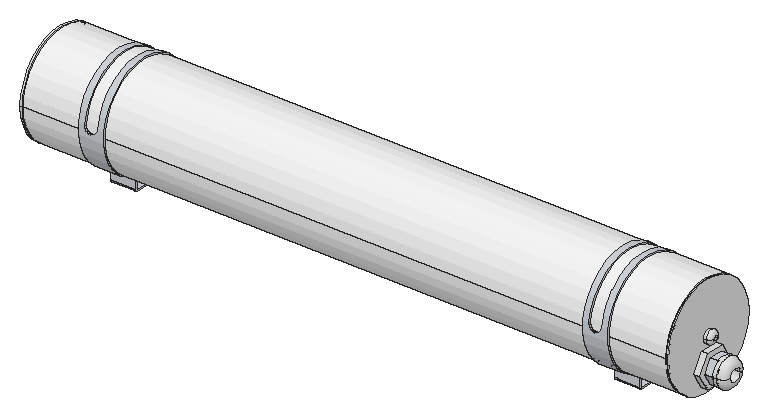
Revit family "0047583 Feilo Sylvania Lighting Fixture SYLPROOF TUBULAR LED 2X600 EB NW", category Lighting Fixtures, host Face, Revit 2017
Family settings
  Host = Face
  Round Connector Dimension = Use Diameter
  Part Type = Normal
  OmniClass Number = 23.80.70.00
  OmniClass Title = Lighting
  Cut with Voids When Loaded = No
  Light Source = Yes
  Shared = No
  Room Calculation Point = No
Parameters (values of type "0047583 SYLPROOF TUBULAR LED 2X600 EB NW")
  Weight = "1.8 kg"
  Wattage Comments = "n/a"
  Wattage = 21 W
  WarrantyStartDate [instance] = "n/a"
  WarrantyGuarantorParts = "n/a"
  WarrantyDurationUnit = "n/a"
  WarrantyDurationParts = "n/a"
  WarrantyDescription = "n/a"
  built-in parameter 1150110 = 1 (stored number, unit not read)
  Voltage = 230 V
  URL = "http://www.sylvania-lighting.com"
  TypeName = "SYLPROOF TUBULAR LED 2X600 EB NW"
  Type Image = <None>
  Type Comments = "n/a"
  TubeDiameterOutside_FEILO = 100 mm
  TubeDiameterInside_FEILO = 96 mm
  built-in parameter 1114217 = 1 (stored number, unit not read)
  Tilt Angle = -90.00°
  built-in parameter 1150109 = 1 (stored number, unit not read)
  built-in parameter 1150134 = 12
  built-in parameter 1150113 = 1 (stored number, unit not read)
  SerialNumber [instance] = "n/a"
  ReflectorMaterial = Reflector-Sylvania-SylproofTubular-Illumination
  PowerFactor = 0
  PowerConsumption = "21 W"
  Photometric Web File = "0047583.ies"
  NominalLength = 700 mm
  NominalHeight = 112 mm
  NominalDepth = 112 mm
  Name = "SYLPROOF TUBULAR LED 2X600 EB NW"
  MountingHeight_FEILO = 64 mm
  ModelReference = Name  # "SYLPROOF TUBULAR LED 2X600 EB NW"
  ModelNumber = "0047583"
  Model = Name  # "SYLPROOF TUBULAR LED 2X600 EB NW"
  Material = "acrylic/pmma tube housing, acrylic/pmma diffuser"
  ManufacturerName = "Feilo Sylvania"
  Manufacturer = "Feilo Sylvania"
  LuminousEfficacy = "108.04 lm/W"
  built-in parameter 1150105 = 180.55 (stored number, unit not read)
  Lumens = 2268.84 lm
  LuminaireType = ""
  built-in parameter 1150115 = 1 (stored number, unit not read)
  LightOutputRatio = "100"
  TubeLength_FEILO = 642 mm
  built-in parameter 1150137 = (empty or 0)
  built-in parameter 1150139 = (empty or 0)
  LampsType = Lamp  # "LED"
  LampNominalLuminous = "2269 lm"
  LampMacAdamStep = "n/a"
  LampColourTemperature = "4000 K"
  LampColourRenderingIndex = "0"
  built-in parameter 1150112 = 1 (stored number, unit not read)
  built-in parameter 1150114 = 1 (stored number, unit not read)
  Lamp = "LED"
  Keynote = "16500"
  InstallationDate [instance] = "n/a"
  InputVoltage = "220-240V~"
  InputNominalFrequency = "50/60 Hz"
  built-in parameter 1150132 = (empty or 0)
  built-in parameter 1150102 = (empty or 0)
  built-in parameter 1150107 = 4000 (stored number, unit not read)
  built-in parameter 1150138 = (empty or 0)
  IngressProtection = "IP66"
  ImpactProtectionIndex = "IK06"
  built-in parameter 1150106 = 1.8055 (stored number, unit not read)
  IfcExportType = "IfcLightFixtureType"
  IfcExportAs = "IfcLightFixtureType"
  Height_FEILO = 115 mm
  ExpectedLife = 50000
  Emit from Rectangle Width = TubeLength_FEILO - 20 mm  # 622 mm
  Emit from Rectangle Length = 90 mm  # constant formula
  Emit Shape Visible in Rendering = no
  ElectricShockClassification = "Class I"
  built-in parameter 1150104 = 10.037 (stored number, unit not read)
  DurationUnit = "hours"
  DocumentationLiterature = "http://www.sylvania-lighting.com/product/en-int/products/0047583"
  DimmingControlOptions = "Non dimmable"
  Dimming Lamp Color Temperature Shift = <None>
  DiffuserMaterial = Diffuser-Sylvania-SylproofTubular-Opal
  Description = "Aesthetically attractive and highly efficient LED tubular luminaire, opaque acrylic diffuser, stainless steel end caps and mounting brackets, rapid connector, as Sylvania Sylproof Tubular LED"
  Default Elevation = 1219.2 mm
  CreatedOn = "21/11/2017"
  CreatedBy = ""
  Cost = 0
  Color Filter = 16777215
  built-in parameter 1114216 [instance] = (empty or 0)
  ClassificationValue = "EF_70_80"
  ClassificationName = "Uniclass2015"
  BracketWidth_FEILO = 25 mm
  BracketDistance_FEILO = TubeLength_FEILO - 142 mm  # 500 mm
  BodyMaterial = Body-Sylvania-SylproofTubular-Aluminium
  BarCode [instance] = "n/a"
  built-in parameter 1114218 = 1 (stored number, unit not read)
  built-in parameter 1150133 = 10 (stored number, unit not read)
  AssetType = "Fixed"
  AssetIdentifier [instance] = "n/a"
  Assembly Code = "D5020200"
  Apparent Load = 21 VA
  AccessoryMaterial = none
Reference planes
  plane 1 "Center (Front/Back)": y = 0
  plane 2: z = 0
  plane 3 "Center (Left/Right)": x = 0
  plane 4: x = 250
  plane 5: x = -250
  plane 6: x = 321
  plane 7: x = -321
  plane 8: x = 348
  plane 9: x = -319
  plane 10: x = 319
  plane 11: z = 64
  plane 12: z = 54
  plane 13: y = 14
  plane 14: y = -14
  plane 15: y = -42
  plane 16: y = 42
  plane 17: x = 307
  plane 18: x = -307
  plane 19: x = 324.8
  plane 20: x = -324.8
  plane 21: y = 6.4
  plane 22: y = -6.4
  plane 23: y = 2
  plane 24: x = 328.1
  plane 25: x = -328.1
  plane 26: z = 38
  plane 27: z = 54
  plane 28: z = 22
  plane 29: x = 337.1
  plane 30: x = 340.6
  plane 31: z = 115
Forms (mm)
  Extrusion 1, solid, material "Diffuser-Sylvania-SylproofTubular-Opal" <- "DiffuserMaterial"
    sketch origin (0, 0, 0) x (0, 1, 0) y (0, 0, 1)
      loop
        circle (0, 64) r 50
      loop
        circle (0, 64) r 48
    from -319 to 319
  Extrusion 2, solid, material "Reflector-Sylvania-SylproofTubular-Illumination" <- "ReflectorMaterial", detail levels medium+fine
    sketch origin (0, 0, 0) x (0, 1, 0) y (0, 0, 1)
      loop
        line (14, 54) -> (42, 64) -> (41.664, 64.942) -> (13.827, 55) -> (-13.827, 55) -> (-41.664, 64.942) -> (-42, 64) -> (-14, 54) -> (14, 54)
    from -307 to 307
  Extrusion 3, solid, material "Body-Sylvania-SylproofTubular-Aluminium" <- "BodyMaterial"
    sketch origin (319, 1524, 1219.2) x (0, 1, 0) y (0, 0, 1)
      loop
        circle (-1524, -1155.2) r 50
    from 0 to 2
  Extrusion 4, solid, material "Body-Sylvania-SylproofTubular-Aluminium" <- "BodyMaterial"
    sketch origin (-319, 1524, 1219.2) x (0, 1, 0) y (0, 0, 1)
      loop
        circle (-1524, -1155.2) r 50
    from -2 to 0
  Revolve 5, solid, material "Body-Sylvania-SylproofTubular-Aluminium" <- "BodyMaterial", detail levels fine
    sketch origin (0, 1219.2, 64) x (1, 0, 0) y (0, 1, 0)
      loop
        line (-328.1, -1219.2) -> (-321, -1219.2) -> (-321, -1212.8) -> (-324.8, -1212.8)
        arc (-324.8, -1212.8) -> (-327.183, -1214.45) -> (-328.1, -1217.2) r 4.583
        line (-328.1, -1217.2) -> (-328.1, -1219.2)
      axis (-321, -1219.2) -> (-328.1, -1219.2)
    angle from 360 to 0
  Revolve 6, solid, material "Body-Sylvania-SylproofTubular-Aluminium" <- "BodyMaterial", detail levels fine
    sketch origin (0, 1219.2, 64) x (1, 0, 0) y (0, 1, 0)
      loop
        line (328.1, -1219.2) -> (328.1, -1217.2)
        arc (328.1, -1217.2) -> (327.183, -1214.45) -> (324.8, -1212.8) r 4.583
        line (324.8, -1212.8) -> (321, -1212.8) -> (321, -1219.2) -> (328.1, -1219.2)
      axis (328.1, -1219.2) -> (321, -1219.2)
    angle from 360 to 0
  Extrusion 7, solid, material "Body-Sylvania-SylproofTubular-Aluminium" <- "BodyMaterial", detail levels medium+fine
    sketch origin (321, 1524, 1219.2) x (0, 1, 0) y (0, 0, 1)
      loop
        line (-1533.174, -1165.2) -> (-1542.475, -1181.089) -> (-1533.302, -1197.2) -> (-1514.826, -1197.2) -> (-1505.525, -1181.311) -> (-1514.698, -1165.2) -> (-1533.174, -1165.2)
    from 0 to 7.1
  Extrusion 8, solid, detail levels medium+fine
    sketch origin (328.1, 1524, 1219.2) x (0, 1, 0) y (0, 0, 1)
      loop
        line (-1530.892, -1169.262) -> (-1537.785, -1181.2) -> (-1530.892, -1193.138) -> (-1517.108, -1193.138) -> (-1510.215, -1181.2) -> (-1517.108, -1169.262) -> (-1530.892, -1169.262)
    from 0 to 9
  Revolve 9, solid, material "Body-Sylvania-SylproofTubular-Aluminium" <- "BodyMaterial", detail levels medium+fine
    sketch origin (0, 1219.2, 38) x (1, 0, 0) y (0, 1, 0)
      loop
        line (337.1, -1205.415) -> (337.1, -1212.8) -> (348, -1212.8)
        arc (348, -1212.8) -> (345.837, -1207.578) -> (340.615, -1205.415) r 7.385
        line (340.615, -1205.415) -> (337.1, -1205.415)
      axis (348, -1219.2) -> (337.1, -1219.2)
    angle from 360 to 0
Dimensions and locks
  equal spacing: plane 5, plane 3 "Center (Left/Right)", plane 4
  "BracketDistance_FEILO": plane 5 to plane 4
  equal spacing: plane 7, plane 3 "Center (Left/Right)", plane 6  (x2)
  "TubeLength_FEILO": plane 7 to plane 6
  locked: plane 6 to plane 8 at 27
  equal spacing: plane 9, plane 3 "Center (Left/Right)", plane 10
  locked: plane 7 to plane 9 at 2
  "MountingHeight_FEILO": plane 11 to plane 2
  locked: plane 12 to plane 11 at 10
  equal spacing: plane 14, plane 1 "Center (Front/Back)", plane 13
  locked: plane 14 to plane 1 "Center (Front/Back)" at 14
  equal spacing: plane 15, plane 1 "Center (Front/Back)", plane 16
  locked: plane 15 to plane 1 "Center (Front/Back)" at 42
  locked: plane 12 to Extrusion 2 sketch curve at 1
  locked: Extrusion 2 sketch curve to Extrusion 2 sketch curve at 1  (x2)
  equal spacing: plane 18, plane 3 "Center (Left/Right)", plane 17
  locked: plane 9 to plane 18 at 12
  equal spacing: plane 20, plane 3 "Center (Left/Right)", plane 19
  locked: plane 20 to plane 7 at 3.8
  equal spacing: plane 22, plane 1 "Center (Front/Back)", plane 21
  locked: plane 22 to plane 21 at 12.8
  locked: plane 1 "Center (Front/Back)" to plane 23 at 2
  equal spacing: plane 25, plane 3 "Center (Left/Right)", plane 24
  locked: plane 25 to plane 7 at 7.1
  locked: plane 26 to plane 11 at 26
  equal spacing: plane 28, plane 26, plane 27
  locked: plane 26 to plane 27 at 16
  locked: Extrusion 7 sketch curve to Extrusion 7 sketch curve at 32.001  (x2)
  locked: plane 24 to plane 29 at 9
  locked: plane 26 to Extrusion 8 sketch curve at 11.938
  locked: Extrusion 8 sketch curve to plane 26 at 11.938
  locked: Extrusion 8 sketch curve to Extrusion 8 sketch curve at 23.876  (x2)
  locked: Extrusion 8 sketch curve to plane 1 "Center (Front/Back)" at 13.785
  locked: plane 1 "Center (Front/Back)" to Extrusion 8 sketch curve at 13.785
  locked: plane 29 to plane 30 at 3.5
  "Height_FEILO": plane 31 to plane 2
  "TubeDiameterOutside_FEILO": diameter of Extrusion 1 sketch curve
  "TubeDiameterInside_FEILO": diameter of Extrusion 1 sketch curve
  aligned and locked: plane 2 to host face
  aligned and locked: level to host face
  aligned and locked: plane 10 to Extrusion 1
  aligned and locked: Extrusion 1 to plane 9
  aligned and locked: plane 13 to Extrusion 2 sketch curve
  aligned and locked: Extrusion 2 sketch curve to plane 12
  aligned and locked: plane 11 to Extrusion 2 sketch curve
  aligned and locked: plane 15 to Extrusion 2 sketch curve
  aligned and locked: plane 17 to Extrusion 2
  aligned and locked: Extrusion 2 to plane 18
  aligned and locked: plane 11 to Extrusion 1 sketch curve  (x2)
  aligned and locked: plane 1 "Center (Front/Back)" to Extrusion 1 sketch curve  (x2)
  aligned and locked: Extrusion 3 sketch curve to Extrusion 1  (x2)
  aligned and locked: plane 6 to Extrusion 3
  aligned and locked: Extrusion 3 to plane 10
  aligned and locked: Extrusion 4 sketch curve to Extrusion 3  (x2)
  aligned and locked: Extrusion 4 to plane 7
  aligned and locked: plane 9 to Extrusion 4
  aligned and locked: Revolve 5 sketch curve to Extrusion 4
  aligned and locked: plane 1 "Center (Front/Back)" to Revolve 5 sketch curve
  aligned and locked: plane 20 to Revolve 5 sketch curve
  aligned and locked: Revolve 5 sketch curve to plane 21
  aligned and locked: Revolve 5 sketch curve to plane 1 "Center (Front/Back)"
  aligned and locked: plane 23 to Revolve 6 sketch curve
  aligned and locked: Revolve 6 sketch curve to Extrusion 3
  aligned and locked: plane 1 "Center (Front/Back)" to Revolve 6 sketch curve
  aligned and locked: Revolve 6 sketch curve to plane 21
  aligned and locked: Revolve 6 sketch curve to plane 1 "Center (Front/Back)"
  aligned and locked: plane 25 to Revolve 5 sketch curve
  aligned and locked: plane 24 to Revolve 6 sketch curve
  aligned and locked: Extrusion 7 sketch curve to plane 27
  aligned and locked: plane 28 to Extrusion 7 sketch curve
  aligned and locked: plane 24 to Extrusion 7
  aligned and locked: Extrusion 7 to plane 6
  aligned and locked: plane 29 to Extrusion 8
  aligned and locked: Extrusion 8 to plane 24
  aligned and locked: Revolve 9 sketch curve to plane 1 "Center (Front/Back)"
  aligned and locked: Extrusion 8 to Revolve 9 sketch curve
  aligned and locked: Revolve 9 sketch curve to Extrusion 8
  aligned and locked: plane 8 to Revolve 9 sketch curve
  aligned and locked: plane 21 to Revolve 9 sketch curve
  aligned and locked: imposter light to plane 31
  aligned and locked: imposter light to plane 3 "Center (Left/Right)"
  aligned and locked: imposter light to plane 1 "Center (Front/Back)"
  aligned and locked: plane 1 "Center (Front/Back)" to nested 2
  aligned and locked: plane 1 "Center (Front/Back)" to nested 1
  aligned and locked: plane 5 to nested 1
  aligned and locked: plane 4 to nested 2
Automatic sketch dimensions
  host sketch curve to host sketch curve = 2438.4 mm  (x2)
  Extrusion 2 sketch curve to plane 14 = 0 mm
  Extrusion 2 sketch curve to plane 16 = 0 mm
  plane 11 to Extrusion 2 sketch curve = 0 mm
  plane 23 to Revolve 5 sketch curve = 0 mm
  Revolve 5 sketch curve to plane 25 = 1195.9 mm
  plane 8 to Revolve 5 sketch curve = 1176 mm
  Revolve 6 sketch curve to plane 19 = 0 mm
  Revolve 6 sketch curve to plane 25 = 1195.9 mm
  plane 8 to Revolve 6 sketch curve = 1176 mm
  Extrusion 7 sketch curve to plane 26 = 0.111 mm
  plane 14 to Extrusion 7 sketch curve = 4.475 mm
  plane 22 to Extrusion 7 sketch curve = 2.902 mm
  plane 22 to Extrusion 7 sketch curve = 2.774 mm
  plane 26 to Extrusion 8 sketch curve = 0 mm  (x2)
  Revolve 9 sketch curve to plane 25 = 1195.9 mm
  plane 8 to Revolve 9 sketch curve = 1176 mm
Nested families
  nested 1: "SylproofTubularMountingRing" at (-250, 0, 0), type "SylproofTubularMountingRing"
  nested 2: "SylproofTubularMountingRing" at (250, 0, 0), type "SylproofTubularMountingRing"
Connectors
  electrical at (0, 0, 0), driven by "Apparent Load", driven by "PowerFactor", driven by "Voltage"
    settings: index 1, voltage 230 V, apparent load 21 VA, apparent load phase1 0 VA, apparent load phase2 0 VA, apparent load phase3 0 VA, power factor 0, load classification "Lighting", number of poles 1, system type 30, power factor state 1, is connector primary yes, connector utility no, sub classification motor no, connector description ""
Definition of nested family "SylproofTubularMountingRing"
  Parameters (values of type "SylproofTubularMountingRing")
    URL = "http://www.feilosylvania.com"
    Type Image = (empty or 0)
    Type Comments = "n/a"
    TubeRadius_FEILO = 50 mm
    TubeDiameter_FEILO = TubeRadius_FEILO * 2  # 100 mm
    Model = ""
    Manufacturer = "Feilo Sylvania"
    Length_FEILO = 1000 mm
    Keynote = ""
    Height_FEILO = 3 mm
    Description = ""
    Default Elevation = 1219.2 mm
    CutOutWidth_FEILO = BracketWidth_FEILO / 2  # 12.5 mm
    CutOutRadius_FEILO = CutOutWidth_FEILO / 2  # 6.25 mm
    Cost = 0
    ClassificationValue = ""
    ClassificationName = ""
    BracketWidth_FEILO = 25 mm
    BracketThickness_FEILO = 1 mm
    BracketOuterCircleRadis_FEILO = TubeRadius_FEILO + BracketThickness_FEILO  # 51 mm
    BodyMaterial = none
    Assembly Code = ""
  Reference planes
    plane 1 "Center (Front/Back)": y = 0
    plane 2: z = 0
    plane 3 "Center (Left/Right)": x = 0
    plane 4: x = 12.5
    plane 5: x = -12.5
    plane 6: y = 50
    plane 7: y = -50
    plane 8: z = 115
    plane 9: z = 114
    plane 10: y = -51
    plane 11: y = 51
    plane 12: z = 14
    plane 13: z = 64
    plane 14: y = 10
    plane 15: y = -10
    plane 16: y = 11
    plane 17: z = 1
    plane 18: y = -11
    plane 19: x = 6.25
    plane 20: x = -6.25
    plane 21: z = 70.25
    plane 22: y = 54
    plane 23: y = -54
    plane 24: z = 120
  Forms (mm)
    Extrusion 1, solid
      sketch origin (4.2, 0, 0) x (1, 0, 0) y (0, 1, 0)
        loop
          line (-1219.2, 1219.2) -> (-1219.2, -1219.2) -> (1219.2, -1219.2) -> (1219.2, 1219.2) -> (-1219.2, 1219.2)
      from 0 to -68.017
    Extrusion 2, solid
      sketch origin (0, 0, 0) x (0, 1, 0) y (0, 0, 1)
        loop
          arc (9, 1) -> (9.707, 1.293) -> (10, 2) r 1
          line (10, 2) -> (10, 13.435)
          arc (10, 13.435) -> (10.423, 14.651) -> (11.509, 15.343) r 1.96
          arc (11.509, 15.343) -> (0.015, 114) -> (-11.538, 15.35) r 50
          arc (-11.538, 15.35) -> (-10.431, 14.644) -> (-10, 13.404) r 2
          line (-10, 13.404) -> (-10, 2)
          arc (-10, 2) -> (-9.707, 1.293) -> (-9, 1) r 1
          line (-9, 1) -> (9, 1)
        loop
          arc (9, 0) -> (10.414, 0.586) -> (11, 2) r 2
          line (11, 2) -> (11, 13.404)
          arc (11, 13.404) -> (11.216, 14.024) -> (11.769, 14.377) r 1
          arc (11.769, 14.377) -> (0, 115) -> (-11.769, 14.377) r 51
          arc (-11.769, 14.377) -> (-11.216, 14.024) -> (-11, 13.404) r 1
          line (-11, 13.404) -> (-11, 2)
          arc (-11, 2) -> (-10.414, 0.586) -> (-9, 0) r 2
          line (-9, 0) -> (9, 0)
      from -12.5 to 12.5
    Extrusion 3, void
      sketch origin (0, 0, 0) x (1, 0, 0) y (0, 0, 1)
        loop
          line (-6.25, 120) -> (-6.25, 70.25)
          arc (-6.25, 70.25) -> (0, 64) -> (6.25, 70.25) r 6.25
          line (6.25, 70.25) -> (6.25, 120) -> (-6.25, 120)
      from -54 to 54
  Cuts and joins
    Extrusion 3 cuts Extrusion 2
  Lines and regions (mm)
    reference lines
      curve 1: circle (0, 0, 64) r 50 normal (1, 0, 0)
      curve 2: circle (0, 0, 64) r 51 normal (-1, 0, 0)
  Dimensions and locks
    equal spacing: plane 5, plane 3 "Center (Left/Right)", plane 4
    "BracketWidth_FEILO": plane 5 to plane 4
    equal spacing: plane 7, plane 1 "Center (Front/Back)", plane 6
    "TubeRadius_FEILO": plane 7 to plane 1 "Center (Front/Back)"
    locked: plane 8 to plane 2 at 115
    "BracketThickness_FEILO": plane 9 to plane 8
    equal spacing: plane 10, plane 1 "Center (Front/Back)", plane 11
    "BracketThickness_FEILO": plane 10 to plane 7
    "TubeDiameter_FEILO": plane 12 to plane 9
    "TubeRadius_FEILO": plane 12 to plane 13
    equal spacing: plane 15, plane 1 "Center (Front/Back)", plane 14
    locked: plane 15 to plane 1 "Center (Front/Back)" at 10
    "BracketThickness_FEILO": plane 17 to plane 2
    "BracketThickness_FEILO": plane 18 to plane 15
    equal spacing: plane 18, plane 1 "Center (Front/Back)", plane 16
    equal spacing: plane 19, plane 3 "Center (Left/Right)", plane 20
    "CutOutWidth_FEILO": plane 19 to plane 20
    "CutOutRadius_FEILO": plane 21 to plane 13
    plane 23 to plane 1 "Center (Front/Back)" to plane 22 = 54 mm locked, 54 mm locked
    locked: plane 24 to level at 120
    "TubeRadius_FEILO": radius of curve 1
    "BracketOuterCircleRadis_FEILO": radius of curve 2
    "BracketOuterCircleRadis_FEILO": radius of Extrusion 2 sketch curve
    "TubeRadius_FEILO": radius of Extrusion 2 sketch curve
    aligned and locked: plane 2 to Extrusion 1
    aligned and locked: level to Extrusion 1
    aligned and locked: plane 1 "Center (Front/Back)" to curve 1
    aligned and locked: plane 13 to curve 1
    aligned and locked: plane 1 "Center (Front/Back)" to curve 2
    aligned and locked: plane 13 to curve 2
    aligned and locked: Extrusion 2 sketch curve to plane 17
    aligned and locked: Extrusion 2 sketch curve to plane 15
    aligned and locked: Extrusion 2 sketch curve to plane 18
    aligned and locked: Extrusion 2 sketch curve to plane 14
    aligned and locked: Extrusion 2 sketch curve to plane 16
    aligned and locked: plane 4 to Extrusion 2
    aligned and locked: Extrusion 2 to plane 5
    aligned and locked: plane 20 to Extrusion 3 sketch curve
    aligned and locked: Extrusion 3 sketch curve to plane 19
    aligned and locked: plane 3 "Center (Left/Right)" to Extrusion 3 sketch curve
    aligned and locked: plane 21 to Extrusion 3 sketch curve  (x3)
    aligned and locked: plane 23 to Extrusion 3
    aligned and locked: Extrusion 3 to plane 22
    aligned and locked: plane 24 to Extrusion 3 sketch curve
  Automatic sketch dimensions
    Extrusion 1 sketch curve to Extrusion 1 sketch curve = 2438.4 mm  (x2)
    Extrusion 2 sketch curve to Extrusion 2 sketch curve = 0 mm  (x8)
    Extrusion 2 sketch curve to plane 1 "Center (Front/Back)" = 0 mm
    plane 13 to Extrusion 2 sketch curve = 0 mm
    Extrusion 2 sketch curve to plane 15 = 1 mm
    plane 14 to Extrusion 2 sketch curve = 1 mm
    Extrusion 2 sketch curve to Extrusion 2 sketch curve = 1 mm
    Extrusion 2 sketch curve to Extrusion 2 sketch curve = 0.04 mm
    plane 12 to Extrusion 2 sketch curve = 0.596 mm
    plane 12 to Extrusion 2 sketch curve = 0.565 mm
    Extrusion 2 sketch curve to Extrusion 2 sketch curve = 0.031 mm
  Connectors
    electrical at (0, 0, 0)
      settings: index 1, voltage 24 V, apparent load 72 VA, apparent load phase1 0 VA, apparent load phase2 0 VA, apparent load phase3 0 VA, power factor 0, load classification none, number of poles 1, system type 30, power factor state 1, is connector primary yes, connector utility no, sub classification motor no, connector description ""
